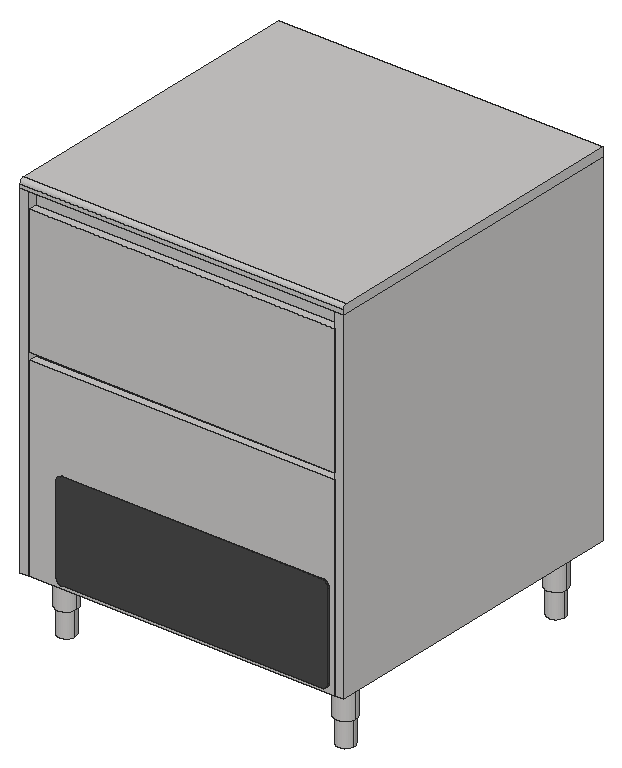
Revit family "QF_ZANUSSI_730297_IHD145I45SNP", category Attrezzature speciali, Revit 2018
Family settings
  Quota connettore circolare = Usa diametro
  Tipo di parte = Normale
  Basato su piano di lavoro = No
  Sempre verticale = Sì
  Taglio con vuoti quando caricato = No
  Condiviso = No
  Punto di calcolo locali = No
Parameters (values of type "Standard")
  Weight = 74.00 kg
  Watts = 1400 W
  Volts = 220 V
  URL Manufacturer = "http://www.zanussiprofessional.com"
  URL = "http://www.zanussiprofessional.com"
  Steam Supply Size = 0 mm
  Steam Supply Minimum Pressure = 0.0 Pa
  Steam Supply Maximum Pressure = 0.0 Pa
  Steam Pounds per Hour = 0
  Show Logo [instance] = yes
  Show Clearance [instance] = yes
  Refrigeration Suction Line Size = 0 mm
  Refrigeration Liquid Line Size = 0 mm
  Refrigerant Compressor Remote = yes
  Produttore = "Zanussi"
  Phase = 1
  Modello = "IHD145I45SNP"
  Length Actual = 762 mm  # constant formula
  Item Number = "730297"
  Hot Water Size = 0 mm
  Height Actual = 937 mm  # constant formula
  HP = "1.9 HP"
  Gas Size = 0 mm
  Gas KW = 0
  Gas Input Pressure = 0 W
  Descrizione = "AIR COOLED HALF DICE ICE 145KG/24H-BIN 45KG"
  Depth Actual = 762 mm  # constant formula
  Cycle = 50 Hz
  Condensate Return Size = 0 mm
  Compressed Air Volume = 0.0 L/s
  Compressed Air Size = 0 mm
  Compressed Air Pressure = 0.0 Pa
  Cold Water Size = 19.05 mm
  Accessory = yes
Reference planes
  plane 1 "Center X": y = 272.851
  plane 2: z = 0
  plane 3 "Center Y": x = -501.5
  plane 4 "LEFT": x = -882.5
  plane 5 "RIGHT": x = -120.5
  plane 6 "FRONT": y = -108.149
  plane 7 "BACK": y = 653.851
  plane 8: z = 142
  plane 9: z = 973
  plane 10: z = 953
  plane 11: x = -862.5
  plane 12: x = -140.5
  plane 13: y = -68.149
Forms (mm)
  Extrusion 1, solid, material "QF_Finishes_Black"
    sketch origin (-206.5, -108.149, 371.513) x (-1, 0, 0) y (0, 0, -1)
      loop
        arc (575, -8.487) -> (585.607, -4.093) -> (590, 6.513) r 15
        line (590, 6.513) -> (590, 207.469)
        arc (590, 207.469) -> (585.607, 218.075) -> (575, 222.469) r 15
        line (575, 222.469) -> (-36.116, 222.469)
        arc (-36.116, 222.469) -> (-46.723, 218.075) -> (-51.116, 207.469) r 15
        line (-51.116, 207.469) -> (-51.116, 6.513)
        arc (-51.116, 6.513) -> (-46.723, -4.093) -> (-36.116, -8.487) r 15
        line (-36.116, -8.487) -> (575, -8.487)
    from 0 to 2
  Extrusion 2, solid, material "QF_Finishes_Stainless Steel"
    sketch origin (-501.5, 0, 0) x (0, 1, 0) y (0, 0, 1)
      loop
        line (653.851, 953) -> (653.851, 973) -> (-98.149, 973)
        arc (-98.149, 973) -> (-105.22, 970.071) -> (-108.149, 963) r 10
        line (-108.149, 963) -> (-108.149, 953) -> (653.851, 953)
    from -381 to 381
  Extrusion 3, solid, material "QF_Finishes_Stainless Steel"
    sketch origin (-464.7, 653.851, -324.545) x (1, 0, 0) y (0, 0, -1)
      loop
        circle (280.2, -642.545) r 10
    from 0 to 10
  Extrusion 4, solid, material "QF_Finishes_Stainless Steel"
    sketch origin (0, 0, 0) x (1, 0, 0) y (0, 1, 0)
      loop
        line (-882.5, 653.851) -> (-882.5, -108.149) -> (-862.5, -108.149) -> (-862.5, 653.851) -> (-882.5, 653.851)
    from 142 to 953
  Extrusion 5, solid, material "QF_Finishes_Stainless Steel"
    sketch origin (0, 0, 0) x (1, 0, 0) y (0, 1, 0)
      loop
        line (-140.5, 653.851) -> (-140.5, -108.149) -> (-120.5, -108.149) -> (-120.5, 653.851) -> (-140.5, 653.851)
    from 142 to 953
  Extrusion 6, solid, material "QF_Finishes_Stainless Steel"
    sketch origin (0, 0, 0) x (1, 0, 0) y (0, 1, 0)
      loop
        line (-862.5, 653.851) -> (-862.5, -68.149) -> (-140.5, -68.149) -> (-140.5, 653.851) -> (-862.5, 653.851)
    from 142 to 953
  Extrusion 7, solid, material "QF_Finishes_Stainless Steel"
    sketch origin (0, 0, 0) x (1, 0, 0) y (0, 1, 0)
      loop
        line (-862.5, -108.149) -> (-140.5, -108.149) -> (-140.5, -68.149) -> (-862.5, -68.149) -> (-862.5, -108.149)
    from 142 to 598
  Extrusion 8, solid, material "QF_Finishes_Stainless Steel"
    sketch origin (-501.5, 0, 0) x (0, 1, 0) y (0, 0, 1)
      loop
        line (-68.149, 953) -> (-88.149, 953) -> (-88.149, 917) -> (-108.149, 917) -> (-108.149, 613.768) -> (-88.149, 613.768) -> (-88.149, 598) -> (-68.149, 598) -> (-68.149, 953)
    from -361 to 361
  Extrusion 9, solid, material "QF_Finishes_Stainless Steel"
    sketch origin (-451.7, 653.851, -395.545) x (1, 0, 0) y (0, 0, -1)
      loop
        circle (280.2, -642.545) r 10
    from 0 to 10
  Extrusion 10, solid, material "QF_Finishes_Stainless Steel"
    sketch origin (-510.7, 653.851, -356.545) x (1, 0, 0) y (0, 0, -1)
      loop
        circle (280.2, -642.545) r 10
    from 0 to 10
Lines and regions (mm)
  Split face 1
    outline origin (-501.5, -88.149, 953) x (0, 0, -1) y (1, 0, 0)
      loop
        line (5.715, 238.428) -> (30.715, 238.428) -> (30.715, 278.428) -> (5.715, 278.428) -> (5.715, 238.428)
  symbolic lines
    curve 1: line (-882.5, 653.851, 0) -> (-120.5, 653.851, 0)
    curve 2: line (-882.5, -108.149, 0) -> (-882.5, 653.851, 0)
    curve 3: line (-120.5, -108.149, 0) -> (-882.5, -108.149, 0)
    curve 4: line (-120.5, 653.851, 0) -> (-120.5, -108.149, 0)
Dimensions and locks
  equal spacing: plane 4 "LEFT", plane 3 "Center Y", plane 5 "RIGHT"
  plane 4 "LEFT" to plane 5 "RIGHT" = 762 mm
  equal spacing: plane 7 "BACK", plane 1 "Center X", plane 6 "FRONT"
  plane 7 "BACK" to plane 6 "FRONT" = 762 mm
  plane 8 to plane 2 = 142 mm
  plane 9 to plane 2 = 973 mm
  locked: plane 4 "LEFT" to plane 11 at 20
  locked: plane 12 to plane 5 "RIGHT" at 20
  locked: plane 9 to plane 10 at 20
  locked: plane 13 to plane 6 "FRONT" at 40
  aligned and locked: level to plane 2
  aligned and locked: plane 5 "RIGHT" to Extrusion 2
  aligned and locked: Extrusion 2 to plane 4 "LEFT"
  aligned and locked: Extrusion 4 sketch curve to Extrusion 2  (x2)
  aligned and locked: plane 6 "FRONT" to Extrusion 4 sketch curve
  aligned and locked: Extrusion 4 sketch curve to plane 11
  aligned and locked: Extrusion 5 sketch curve to plane 7 "BACK"
  aligned and locked: plane 12 to Extrusion 5 sketch curve
  aligned and locked: Extrusion 5 sketch curve to Extrusion 2  (x2)
  aligned and locked: plane 10 to Extrusion 4
  aligned and locked: plane 10 to Extrusion 5
  aligned and locked: Extrusion 4 to plane 8
  aligned and locked: Extrusion 5 to plane 8
  aligned and locked: Extrusion 6 sketch curve to Extrusion 4
  aligned and locked: Extrusion 4 to Extrusion 6 sketch curve
  aligned and locked: plane 13 to Extrusion 6 sketch curve
  aligned and locked: Extrusion 6 sketch curve to plane 12
  aligned and locked: plane 10 to Extrusion 6
  aligned and locked: Extrusion 6 to plane 8
  aligned and locked: Extrusion 4 to Extrusion 7 sketch curve
  aligned and locked: Extrusion 7 sketch curve to Extrusion 4
  aligned and locked: plane 13 to Extrusion 7 sketch curve
  aligned and locked: plane 12 to Extrusion 7 sketch curve
  aligned and locked: Extrusion 7 to plane 8
  aligned and locked: plane 12 to Extrusion 8
  aligned and locked: Extrusion 8 to plane 11
Automatic sketch dimensions
  curve 3 to plane 4 "LEFT" = 0 mm
  curve 3 to plane 5 "RIGHT" = 0 mm
  curve 3 to plane 6 "FRONT" = 0 mm
  curve 2 to plane 7 "BACK" = 0 mm
  Extrusion 1 sketch curve to plane 12 = 14.884 mm
  plane 8 to Extrusion 1 sketch curve = 7.044 mm
  Extrusion 1 sketch curve to Extrusion 1 sketch curve = 15 mm  (x3)
  plane 11 to Extrusion 1 sketch curve = 81 mm  (x2)
  Extrusion 1 sketch curve to Extrusion 1 sketch curve = 200.956 mm
  Extrusion 2 sketch curve to plane 6 "FRONT" = 0 mm
  Extrusion 2 sketch curve to plane 9 = 0 mm
  Extrusion 2 sketch curve to plane 7 "BACK" = 0 mm
  Extrusion 2 sketch curve to plane 10 = 0 mm
  plane 6 "FRONT" to Extrusion 2 sketch curve = 10 mm
  Extrusion 6 to Extrusion 3 sketch curve = 176 mm
  Extrusion 3 sketch curve to Extrusion 6 = 44 mm
  Extrusion 8 sketch curve to plane 6 "FRONT" = 0 mm
  Extrusion 8 sketch curve to plane 10 = 0 mm
  Extrusion 8 sketch curve to plane 13 = 0 mm
  plane 6 "FRONT" to Extrusion 8 sketch curve = 20 mm  (x2)
  Extrusion 8 sketch curve to plane 10 = 36 mm
  Extrusion 8 sketch curve to Extrusion 8 sketch curve = 303.232 mm
  Extrusion 8 sketch curve to Extrusion 8 sketch curve = 15.768 mm
  Split face 1 sketch curve to Extrusion 8 = 5.715 mm
  Extrusion 8 to Split face 1 sketch curve = 5.285 mm
  Split face 1 sketch curve to Extrusion 8 = 122.572 mm
  Split face 1 sketch curve to Split face 1 sketch curve = 40 mm
  Extrusion 9 sketch curve to Extrusion 6 = 31 mm
  Extrusion 6 to Extrusion 9 sketch curve = 105 mm
  Extrusion 10 sketch curve to Extrusion 6 = 90 mm
  Extrusion 6 to Extrusion 10 sketch curve = 144 mm
  radius of Extrusion 3 sketch curve = 10 mm
  radius of Extrusion 9 sketch curve = 10 mm
  radius of Extrusion 10 sketch curve = 10 mm
Nested families
  nested 1: "Foot_Complete" at (-830.5, -37.149, 0), type "Foot_Complete"
    with H 142 mm
  nested 2: "Foot_Complete" at (-172.5, -37.149, 0) x (-1, 0, 0) z (0, 0, 1), type "Foot_Complete"
    with H 142 mm
  nested 3: "Foot_Complete" at (-830.5, 582.851, 0), type "Foot_Complete"
    with H 142 mm
  nested 4: "Foot_Complete" at (-172.5, 582.851, 0) x (-1, 0, 0) z (0, 0, 1), type "Foot_Complete"
    with H 142 mm
Connectors
  electrical at (-171.5, 663.851, 247), driven by "Volts"
    settings: on Extrusion 9, index 1, voltage 220 V, apparent load 0 VA, apparent load phase1 0 VA, apparent load phase2 0 VA, apparent load phase3 0 VA, power factor 1, load classification "Altro", number of poles 1, system type 30, power factor state 1, is connector primary yes, connector utility no, sub classification motor no, connector description "Electrical Connection"
  piping at (-184.5, 663.851, 318), diameter 20
    settings: on Extrusion 3, index 2, connector inside diameter 609.6 mm, connector length 0 mm, flow factor 0, pipe flow 0.0 L/s, pressure drop 0.0 Pa, fitting loss kfactor 0, connector angle 0.00°, fixture units 0, engagement length 0 mm, angle of deflection 0.00°, flow configuration 0, flow direction 0, fitting loss method 0, system type 20, joint type 0, gender type 0, connector reference index -1, connector utility 0, adjustable connector no, is connector primary yes, connector description "Cold water"
  piping at (-230.5, 663.851, 286), diameter 20
    settings: on Extrusion 10, index 3, connector inside diameter 609.6 mm, connector length 0 mm, flow factor 0, pipe flow 0.0 L/s, pressure drop 0.0 Pa, fitting loss kfactor 0, connector angle 0.00°, fixture units 0, engagement length 0 mm, angle of deflection 0.00°, flow configuration 0, flow direction 0, fitting loss method 0, system type 16, joint type 0, gender type 0, connector reference index -1, connector utility 0, adjustable connector no, is connector primary no, connector description "Drain"
Definition of nested family "Foot_Complete"
  Parameters (values of type "Foot_Complete")
    R = 25 mm
    H = 153 mm
  Reference planes
    plane 1 "Centro (Fronte/Retro)": y = 0
    plane 2: z = 0
    plane 3 "Centro (Sinistra/Destra)": x = 0
    plane 4: z = 153
  Forms (mm)
    Revolve 1, solid
      sketch origin (255.05, 0, 608.09) x (0, 0, 1) y (-1, 0, 0)
        loop
          line (-608.09, 255.05) -> (-608.09, 235.05) -> (-548.09, 235.05) -> (-548.09, 230.05) -> (-455.09, 230.05) -> (-455.09, 255.05) -> (-608.09, 255.05)
        axis (-608.09, 255.05) -> (-455.09, 255.05)
      angle from 0 to 360
  Dimensions and locks
    level to Revolve 1 sketch curve = 60 mm
    "R": Revolve 1 sketch curve to plane 3 "Centro (Sinistra/Destra)"
    "H": plane 4 to level
    aligned and locked: level to plane 2
    aligned and locked: plane 4 to Revolve 1 sketch curve
    aligned and locked: Revolve 1 sketch curve to level
    aligned and locked: plane 3 "Centro (Sinistra/Destra)" to Revolve 1 sketch curve
  Automatic sketch dimensions
    Revolve 1 sketch curve to plane 3 "Centro (Sinistra/Destra)" = 0 mm
    plane 3 "Centro (Sinistra/Destra)" to Revolve 1 sketch curve = 20 mm
    Revolve 1 sketch curve to Revolve 1 sketch curve = 50 mm
    Revolve 1 sketch curve to Revolve 1 sketch curve = 20 mm
